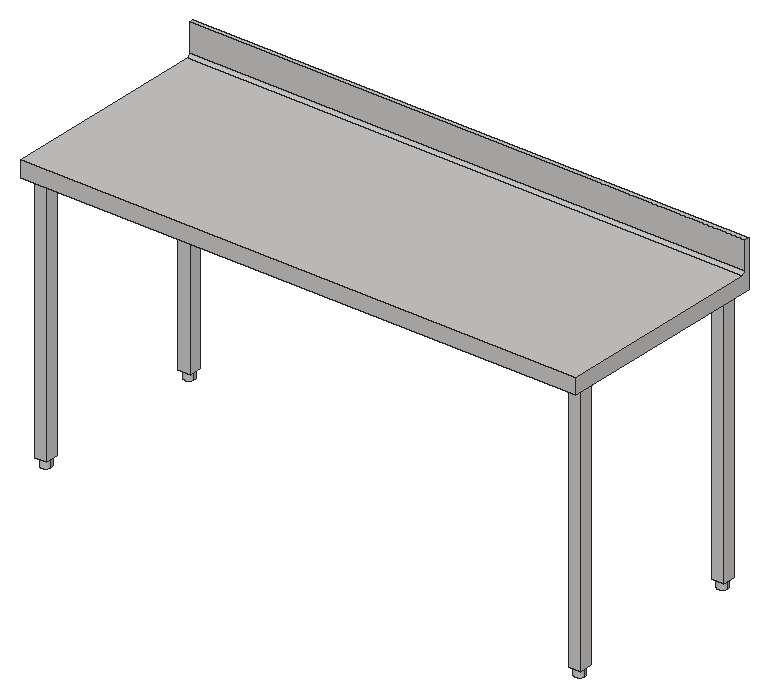
Revit family "QF_ZANUSSI_132849_WTD1817N", category Attrezzature speciali, Revit 2020
Family settings
  Quota connettore circolare = Usa diametro
  Tipo di parte = Normale
  Basato su piano di lavoro = No
  Sempre verticale = Sì
  Taglio con vuoti quando caricato = No
  Condiviso = No
  Punto di calcolo locali = No
Parameters (values of type "Standard")
  Weight = 57.00 kg
  Watts = 0 W
  Volts = 0 V
  URL Manufacturer = "http://www.zanussiprofessional.com"
  URL = "http://www.zanussiprofessional.com"
  Steam Supply Size = 0 mm
  Steam Supply Minimum Pressure = 0.0 Pa
  Steam Supply Maximum Pressure = 0.0 Pa
  Steam Consumption per Hour = 0
  Refrigeration Suction Line Size = 0.0 mm
  Refrigeration Liquid Line Size = 0.0 mm
  Refrigerant Compressor Remote = yes
  Prospetto di default = 0.0 mm
  Produttore = "Zanussi"
  Phase = 0
  Modello = "WTD1817N"
  Length Actual = 1800.0 mm  # constant formula
  Item Number = "132849"
  Hot Water Size = 0 mm
  Height Actual = 900.0 mm  # constant formula
  HP = "0 HP"
  Gas Size = 0 mm
  Gas KW = 0
  Gas Input Pressure = 0 W
  Direct Waste Size = 0 mm
  Descrizione = "WORK TABLE+UPSTAND-DISASSEMBLED 1800MM"
  Depth Actual = 700.0 mm  # constant formula
  Cycle = 0 Hz
  Condensate Return Size = 0 mm
  Compressed Air Volume = 0.0 L/s
  Compressed Air Size = 0 mm
  Compressed Air Pressure = 0.0 Pa
  Cold Water Size = 0 mm
  Accessory = yes
Reference planes
  plane 1 "Center (Front/Back)": y = 0
  plane 2: z = 0
  plane 3 "Center (Left/Right)": x = -400
  plane 4 "LEFT": x = -1300
  plane 5 "RIGHT": x = 500
  plane 6 "BACK": y = 350
  plane 7 "FRONT": y = -350
  plane 8 "Base": z = 850
  plane 9 "TOP": z = 900
  plane 10: x = -1264.5
  plane 11: x = 464.5
  plane 12: y = 290
  plane 13: y = -290
Forms (mm)
  Extrusion 1, solid, material "QF_Finishes_Stainless Steel"
    sketch origin (-400, 0, 0) x (0, 1, 0) y (0, 0, 1)
      loop
        line (-350, 850) -> (350, 850) -> (350, 1000) -> (337, 1000) -> (337, 910)
        arc (337, 910) -> (334.071, 902.929) -> (327, 900) r 10
        line (327, 900) -> (-350, 900) -> (-350, 850)
    from 900 to -900
Lines and regions (mm)
  symbolic lines
    curve 1: line (500, 350, 900) -> (-1300, 350, 900)
    curve 2: line (-1300, 350, 900) -> (-1300, -350, 900)
    curve 3: line (-1300, -350, 900) -> (500, -350, 900)
    curve 4: line (500, -350, 900) -> (500, 350, 900)
    curve 5: line (500, 337, 900) -> (-1300, 337, 900)
Dimensions and locks
  plane 4 "LEFT" to plane 5 "RIGHT" = 1800.0 mm
  equal spacing: plane 4 "LEFT", plane 3 "Center (Left/Right)", plane 5 "RIGHT"
  locked: plane 8 "Base" to level at 850
  plane 4 "LEFT" to plane 10 = 35.5 mm
  plane 11 to plane 5 "RIGHT" = 35.5 mm
  plane 10 to plane 11 = 1729.0 mm
  locked: Extrusion 1 to level at 1000
  plane 9 "TOP" to level = 900.0 mm
  plane 6 "BACK" to plane 12 = 60.0 mm
  plane 13 to plane 7 "FRONT" = 60.0 mm
  plane 6 "BACK" to plane 7 "FRONT" = 700.0 mm
  plane 12 to plane 13 = 580.0 mm
  equal spacing: plane 6 "BACK", plane 1 "Center (Front/Back)", plane 7 "FRONT"
  aligned and locked: level to plane 2
  aligned and locked: plane 10 to nested 1
  aligned and locked: nested 1 to plane 13
  aligned and locked: plane 11 to nested 2
  aligned and locked: nested 2 to plane 13
  aligned and locked: plane 11 to nested 4
  aligned and locked: nested 4 to plane 12
  aligned and locked: plane 10 to nested 3
  aligned and locked: nested 3 to plane 12
  aligned and locked: Extrusion 1 to plane 4 "LEFT"
  aligned and locked: plane 5 "RIGHT" to Extrusion 1
  aligned and locked: curve 2 to plane 4 "LEFT"
Automatic sketch dimensions
  Extrusion 1 sketch curve to plane 7 "FRONT" = 0.0 mm
  Extrusion 1 sketch curve to plane 9 "TOP" = 0.0 mm
  Extrusion 1 sketch curve to plane 6 "BACK" = 0.0 mm
  Extrusion 1 sketch curve to plane 8 "Base" = 0.0 mm
  plane 9 "TOP" to Extrusion 1 sketch curve = 10.0 mm
  Extrusion 1 sketch curve to plane 6 "BACK" = 13.0 mm
  Extrusion 1 sketch curve to Extrusion 1 sketch curve = 90.0 mm
  curve 3 to plane 7 "FRONT" = 0.0 mm
  curve 5 to plane 5 "RIGHT" = 0.0 mm
  curve 4 to plane 6 "BACK" = 0.0 mm
  curve 5 to plane 6 "BACK" = 13.0 mm
Nested families
  nested 1: "FEET_40x40" at (-1264.5, -290, 0), type "FEET_40x40"
  nested 2: "FEET_40x40" at (464.5, -290, 0), type "FEET_40x40"
  nested 3: "FEET_40x40" at (-1264.5, 290, 0), type "FEET_40x40"
  nested 4: "FEET_40x40" at (464.5, 290, 0), type "FEET_40x40"
Definition of nested family "FEET_40x40"
  Parameters
    Default Elevation = 0.0 mm
    FEET = 850.0 mm
  Reference planes
    plane 1 "Center (Front/Back)": y = 0
    plane 2: z = 0
    plane 3 "Center (Left/Right)": x = 0
    plane 4: z = 850
  Forms (mm)
    Extrusion 1, solid
      sketch origin (0, 0, 0) x (1, 0, 0) y (0, 1, 0)
        loop
          line (-20, -20) -> (20, -20) -> (20, 20) -> (-20, 20) -> (-20, -20)
      from 25 to 845
    Extrusion 2, solid
      sketch origin (0, 0, 0) x (1, 0, 0) y (0, 1, 0)
        loop
          circle (0, 0) r 16
      from 0 to 25
    Extrusion 3, solid
      sketch origin (0, 0, 0) x (1, 0, 0) y (0, 1, 0)
        loop
          line (30, 30) -> (-30, 30) -> (-30, -30) -> (30, -30) -> (30, 30)
      from 845 to 850
  Lines and regions (mm)
    symbolic lines
      curve 1: line (0, -1.503, 0) -> (0, 1.508, 0)
      curve 2: line (1.561, 0, 0) -> (-1.439, 0, 0)
  Dimensions and locks
    "FEET": plane 4 to plane 2
    aligned and locked: level to plane 2
  Automatic sketch dimensions
    Extrusion 1 sketch curve to plane 3 "Center (Left/Right)" = 20.0 mm
    plane 3 "Center (Left/Right)" to Extrusion 1 sketch curve = 20.0 mm
    plane 1 "Center (Front/Back)" to Extrusion 1 sketch curve = 20.0 mm
    Extrusion 1 sketch curve to plane 1 "Center (Front/Back)" = 20.0 mm
    plane 1 "Center (Front/Back)" to Extrusion 2 sketch curve = 0.0 mm
    Extrusion 2 sketch curve to plane 3 "Center (Left/Right)" = 0.0 mm
    plane 3 "Center (Left/Right)" to Extrusion 3 sketch curve = 30.0 mm
    Extrusion 3 sketch curve to plane 1 "Center (Front/Back)" = 30.0 mm
    Extrusion 3 sketch curve to plane 3 "Center (Left/Right)" = 30.0 mm
    plane 1 "Center (Front/Back)" to Extrusion 3 sketch curve = 30.0 mm
    plane 1 "Center (Front/Back)" to curve 2 = 0.0 mm
    curve 1 to plane 3 "Center (Left/Right)" = 0.0 mm
    curve 2 to plane 3 "Center (Left/Right)" = 1.439 mm
    plane 3 "Center (Left/Right)" to curve 2 = 1.561 mm
    plane 1 "Center (Front/Back)" to curve 1 = 1.503 mm
    curve 1 to plane 1 "Center (Front/Back)" = 1.508 mm
    radius of Extrusion 2 sketch curve = 16.0 mm
